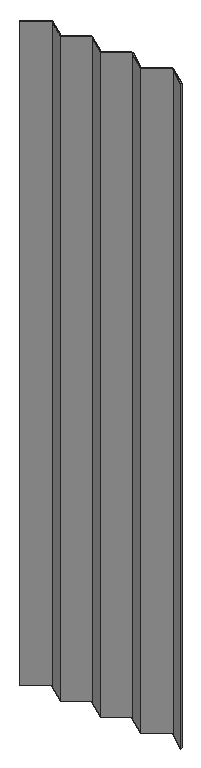
Revit family "DERMETALL_INSECTA_W_LISO", category Modelos genéricos, Revit 2019
Family settings
  Puede alojar armadura = No
  Cota de conector redondo = Diámetro de uso
  Tipo de pieza = Normal
  Se basa en plano de trabajo = No
  Siempre vertical = Sí
  Corte con vacíos al cargar = No
  Compartido = No
  Punto de cálculo de habitación = No
Parameters
  Espesor = 1.5 mm
  Angulo = 112.62°
  Ancho = 810 mm
  Altura = 3000 mm
  Alma = 51.803 mm
Reference planes
  plane 1 "Center (Front/Back)": y = 0
  plane 2: z = 0
  plane 3 "Center (Left/Right)": x = 0
  plane 4: z = 3000
  plane 5: y = 73
  plane 6: x = 405
  plane 7: x = -405
  plane 8: y = 71.5
  plane 9: y = 1.5
  plane 10: x = -202.5
  plane 11: x = 202.5
  plane 12: x = 303.75
  plane 13: x = 101.25
  plane 14: x = -101.25
  plane 15: x = -303.75
  plane 16: through (307.5, 72.97, 1200) normal (0.5721, -0.8202, 0)
  plane 17: through (307.5, 72.97, 1200) normal (0.5721, -0.8202, 0)
  plane 18: x = 405
  plane 19: x = -400
  plane 20: through (-405, 0, 1200) normal (-0.5768, 0.8169, 0)
  plane 21: through (-303.908, 73.224, 1200) normal (0.5768, -0.8169, 0)
  plane 22: through (-202.5, 1.5, 1200) normal (-0.5768, -0.8169, 0)
  plane 23: through (-303.908, 71.276, 1200) normal (0.5768, 0.8169, 0)
  plane 24: through (-202.5, 0, 1200) normal (-0.5768, 0.8169, 0)
  plane 25: through (-101.408, 73.224, 1200) normal (0.5768, -0.8169, 0)
  plane 26: through (-101.25, 71.5, 1200) normal (0.5768, 0.8169, 0)
  plane 27: through (0.158, 1.724, 1200) normal (-0.5768, -0.8169, 0)
  plane 28: through (101.25, 73, 1200) normal (0.5768, -0.8169, 0)
  plane 29: through (0.158, -0.224, 1200) normal (-0.5768, 0.8169, 0)
  plane 30: through (101.25, 71.5, 1200) normal (0.5768, 0.8169, 0)
  plane 31: through (202.68, 1.71, 1200) normal (-0.5768, -0.8169, 0)
  plane 32: through (303.75, 72.97, 1200) normal (0.5768, -0.8169, 0)
  plane 33: through (202.673, -0.245, 1200) normal (-0.5768, 0.8169, 0)
  plane 34: through (303.75, 71.5, 1200) normal (0.5768, 0.8169, 0)
  plane 35: through (405.172, 1.715, 1200) normal (-0.5768, -0.8169, 0)
Forms (mm)
  Extrusion 1, solid, material "DERMETALL_INSECTA_W_PERFORADO"
    sketch origin (-121.059, -1323.486, 0) x (1, 0, 0) y (0, 1, 0)
      loop
        line (526.059, 1323.486) -> (526.059, 1324.956) -> (424.809, 1396.456) -> (323.58, 1324.971) -> (222.309, 1396.486) -> (121.059, 1324.986) -> (19.809, 1396.486) -> (-81.441, 1324.986) -> (-182.691, 1396.486) -> (-283.941, 1324.986) -> (-283.941, 1323.486) -> (-182.691, 1394.986) -> (-81.441, 1323.486) -> (19.809, 1394.986) -> (121.059, 1323.486) -> (222.309, 1394.986) -> (323.559, 1323.486) -> (424.809, 1394.986) -> (526.059, 1323.486)
    from 0 to 3000
Dimensions and locks
  "Altura": plane 4 to level
  equal spacing: plane 7, plane 15, plane 10, plane 14, plane 3 "Center (Left/Right)", plane 13, plane 11, plane 12, plane 6
  locked: plane 1 "Center (Front/Back)" to plane 5 at 73
  "Ancho": plane 7 to plane 6
  "Espesor": plane 20 to plane 21
  "Espesor": plane 23 to plane 22
  "Espesor": plane 24 to plane 25
  "Espesor": plane 26 to plane 27
  "Espesor": plane 28 to plane 29
  "Espesor": plane 31 to plane 30
  "Espesor": plane 32 to plane 33
  "Espesor": plane 34 to plane 35
  angle Extrusion 1 to Extrusion 1 = 109.543°  (x4)
  aligned and locked: level to plane 2
  aligned and locked: plane 4 to Extrusion 1
Automatic sketch dimensions
  Extrusion 1 sketch curve to plane 7 = 0 mm
  Extrusion 1 sketch curve to plane 8 = 0 mm  (x4)
  Extrusion 1 sketch curve to plane 15 = 0 mm  (x2)
  plane 5 to Extrusion 1 sketch curve = 0 mm  (x3)
  plane 9 to Extrusion 1 sketch curve = 0 mm  (x3)
  Extrusion 1 sketch curve to plane 10 = 0 mm  (x2)
  plane 1 "Center (Front/Back)" to Extrusion 1 sketch curve = 0 mm  (x5)
  Extrusion 1 sketch curve to plane 14 = 0 mm  (x2)
  Extrusion 1 sketch curve to plane 3 "Center (Left/Right)" = 0 mm  (x2)
  Extrusion 1 sketch curve to plane 13 = 0 mm  (x2)
  Extrusion 1 sketch curve to plane 11 = 0 mm
  Extrusion 1 sketch curve to plane 12 = 0 mm  (x2)
  Extrusion 1 sketch curve to plane 6 = 0 mm
  Extrusion 1 sketch curve to plane 11 = 0.021 mm
  plane 9 to Extrusion 1 sketch curve = 0.015 mm
  plane 5 to Extrusion 1 sketch curve = 0.03 mm
  plane 9 to Extrusion 1 sketch curve = 0.03 mm
